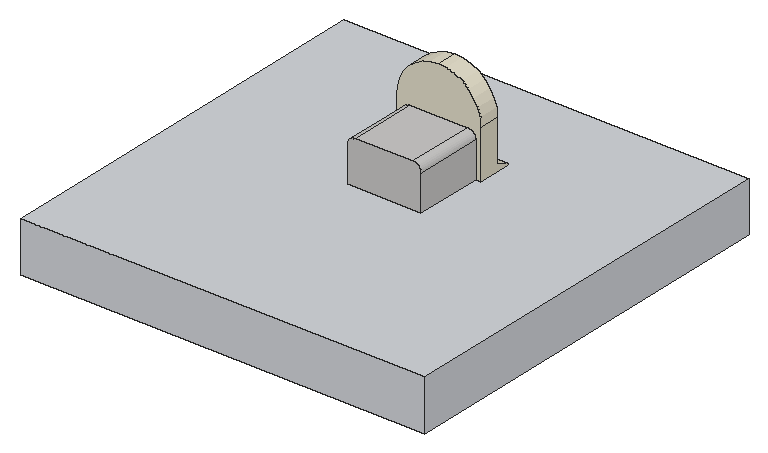
Revit family
Parameters (values of type "3771-1")
  Waste Connection = yes
  WFU = 0
  Vent Connection = no
  VP - Vinylclad Housing Color (Black, Gray, White) (Not Available with -ES Contoured Base Units.) = yes
  URL = "http://www.acorneng.com/uploads/fileLibrary/3771.pdf"
  Type Comments = ""
  Tempered Water Connection = no
  ST - Single Temperature Valve = no
  SPX - 16 Gage Stainless Steel Enclosure = no
  SO-BAT - Sensor Operation, Battery Powered (Batteries Not Included) = no
  SO - Sensor Operation = no
  SES - Scalloped Enclosure Style = no
  Revised Date = "23/06/2014"
  RSS - Right Side Splash (Only Available with -ECR) = no
  RSA - Right Side Apron (Only Available with -ECR) = no
  RLD - Molded-in "D" Shape Corterra Basin (Specify Punching for-9, Valve by Others) -H34 Three Holes, 4" Centerset = no
  RLD - Molded-in "D" Shape Corterra Basin (Specify Punching for -9, Valve by Others) -H38 Three Holes, 8" Centerset = no
  RLD - Molded-in "D" Shape Corterra Basin (Specify Punching for -9, Valve by Others) - H24 Two Holes, 4" Centerset = no
  RLD - Molded-in "D" Shape Corterra Basin ( Specify Punching for -9, Valve by Others) - H1 Single Hole Centered = no
  Phone# = "626-336-4561"
  PPZ - Programmable Piezo Push button Electronic Metering = no
  PDM - Metering Liquid Soap Dispenser = no
  OCC - Optional Corterra Color - Specify:__ = no
  Model = "3771-1"
  Material = Default
  Manufacturer = "Acorn "
  LSS - Left Side Splash (Only Available with -ECL) = no
  LSA - Left Side Apron (Only Avilable with -ECL) = no
  JH - 31" Junior Rim Height (Not ADA Compliant Except as -1-JH-SES) = no
  HWFU = 0
  HW Connection = yes
  H - Hand Operation = no
  ECR - Extended Countertop - Right Hand, Specify ____ (120" maximum overall width) = no
  ECL - Extended Countertop - Left Hand, Specify ____ (120" maximum overall width) = no
  Designed By = "ATS "
  Description = "Meridian Corterra Curved Front Uni-Basin - ADA Compliant "
  Default Elevation = 34"
  CWFU = 0
  CW Connection = yes
  CSG - 4" Centerset Faucet with Gooseneck Spout and Wristblade Handles (Includes -RLD Basin & -H34) = no
  Assembly Code = "D2010310"
  9 - Less Spreayhead and Valves (Only Available with - RLD Basin) = no
  3771 - Meridian Corterra Curved Front Uni-Basin = yes
  2 - On-Floor, Wall Outlet = no
  1 - Off-Floor, Wall Outlet = no
Reference planes (in)
  plane 1 "Center (Front/Back)": y = 0
  plane 2: z = 0
  plane 3 "Center (Left/Right)": x = 0
  plane 4: x = 10
  plane 5: x = -10
  plane 6: y = 24
  plane 7: y = 21
  plane 8: z = 21.5
  plane 9: y = 16.25
  plane 10: y = -10
  plane 11: y = 26.75
  plane 12: x = 2.5
  plane 13: x = -2.5
  plane 14: y = 2
  plane 15: y = 10
  plane 16: z = 10.343
  plane 17: x = 3.5
  plane 18: x = -8.75
  plane 19: x = 8.75
Forms (in)
  Extrusion 1, solid
    sketch origin (0, 0, 0) x (1, 0, 0) y (0, 1, 0)
      loop
        line (-48, 48) -> (-48, -48) -> (48, -48) -> (48, 48) -> (-48, 48)
    from 0 to -12
  Extrusion 2, solid, material "Bone"
    sketch origin (0, 0, 0) x (0, 1, 0) y (0, 0, 1)
      loop
        line (23.9159, 0.55053) -> (21, 1.72863) -> (21, 0) -> (23.89037, 0)
        arc (23.89037, 0) -> (23.96789, 0.03211) -> (24, 0.10963) r 0.10963
        line (24, 0.10963) -> (24, 0.40189)
        arc (24, 0.40189) -> (23.97752, 0.48728) -> (23.9159, 0.55053) r 0.17341
    from -10 to 10
  Sweep 3, void
    path origin (0, 0, 0) x (1, 0, 0) y (0, 0, 1)
      loop
        circle (0, 11.49996) r 8.75
    profile origin (0, 0, 20.24996) x (0, 0, -1) y (0, -1, 0)
      loop
        line (-0.23435, -21.05818) -> (8.49996, -21.05818) -> (8.49996, -17.02655)
        arc (8.49996, -17.02655) -> (4.1174, -18.20746) -> (0.36399, -20.75959) r 13.65544
        arc (0.36399, -20.75959) -> (0.08806, -20.93765) -> (-0.23435, -21) r 0.86478
        line (-0.23435, -21) -> (-0.23435, -21.05818)
  Extrusion 4, void
    sketch origin (0, 0, 0) x (1, 0, 0) y (0, 0, 1)
      loop
        circle (0, 11.50391) r 1
    from -21 to -17.02655
  Extrusion 5, solid, material "Bone"
    sketch origin (0, 0, 0) x (0, 1, 0) y (0, 0, 1)
      loop
        line (21, 2.30258) -> (16.25, 2.30258) -> (16.25, 0) -> (21, 0) -> (21, 2.30258)
    from -10 to 10
  Blend 6, solid, material "Stainless Steel"
    base sketch origin (0, 0, 0) x (1, 0, 0) y (0, 0, 1)
      loop
        line (8.75, 0) -> (8.75, 8.343)
        arc (8.75, 8.343) -> (8.16421, 9.75721) -> (6.75, 10.343) r 2
        line (6.75, 10.343) -> (-6.75, 10.343)
        arc (-6.75, 10.343) -> (-8.16421, 9.75721) -> (-8.75, 8.343) r 2
        line (-8.75, 8.343) -> (-8.75, 0) -> (8.75, 0)
    top sketch origin (0, 0, 0) x (1, 0, 0) y (0, 0, 1)
      loop
        line (-8.75, 0) -> (8.75, 0) -> (8.75, 8.343)
        arc (8.75, 8.343) -> (8.16421, 9.75721) -> (6.75, 10.343) r 2
        line (6.75, 10.343) -> (-6.75, 10.343)
        arc (-6.75, 10.343) -> (-8.16421, 9.75721) -> (-8.75, 8.343) r 2
        line (-8.75, 8.343) -> (-8.75, 0)
    from 0 to -16.25
  Extrusion 7, solid, material "Bone"
    sketch origin (0, 0, 0) x (1, 0, 0) y (0, 0, 1)
      loop
        line (-10, 2.30258) -> (10, 2.30258) -> (10, 21.5) -> (-10, 21.5) -> (-10, 2.30258)
    from -21 to -16.25
  Extrusion 8, void
    sketch origin (0, 0, 0.00004) x (-1, 0, 0) y (0, 0, -1)
      loop
        line (-10, -11.49996) -> (-10, -21.49996) -> (0, -21.49996)
        arc (0, -21.49996) -> (-7.07107, -18.57103) -> (-10, -11.49996) r 10
    from -21 to -16.25
  Extrusion 9, void
    sketch origin (0, 0, 0.00004) x (1, 0, 0) y (0, 0, 1)
      loop
        arc (-10, 11.49996) -> (-7.07107, 18.57103) -> (0, 21.49996) r 10
        line (0, 21.49996) -> (-10, 21.49996) -> (-10, 11.49996)
    from -21 to -16.25
  Extrusion 10, solid, material "Bone"
    sketch origin (15.29538, 21.00647, -0.01939) x (0, 1, 0) y (0, 0, -1)
      loop
        line (2.69854, -0.6218) -> (0, -1.71208) -> (0, -2.81375)
        arc (0, -2.81375) -> (0.59598, -3.22773) -> (1.12205, -3.72756) r 4.7556
        arc (1.12205, -3.72756) -> (3.12033, -7.52003) -> (3.05878, -11.8063) r 8.67526
        arc (3.05878, -11.8063) -> (3.08693, -11.94907) -> (3.21741, -12.01351) r 0.16432
        line (3.21741, -12.01351) -> (5.23826, -12.01351)
        arc (5.23826, -12.01351) -> (5.59962, -11.86409) -> (5.74994, -11.5031) r 0.51168
        arc (5.74994, -11.5031) -> (4.97956, -5.85064) -> (2.69854, -0.6218) r 20.74283
    from 13.29538 to 17.29538
  Extrusion 11, void
    sketch origin (15, 20.88147, -0.01939) x (1, 0, 0) y (0, 0, 1)
      loop
        line (-13.39845, 10.45684) -> (-13, 0.6218) -> (-12.73494, 0.6218) -> (-12.73494, 12.75) -> (-17.26506, 12.75) -> (-17.26506, 0.6218) -> (-17, 0.6218) -> (-16.60155, 10.45684)
        arc (-16.60155, 10.45684) -> (-15, 11.99482) -> (-13.39845, 10.45684) r 1.60287
    from -6.75547 to 0
  Extrusion 12, solid
    sketch origin (0, 0, 0) x (1, 0, 0) y (0, 1, 0)
      loop
        circle (-2.5, 2) r 0.25
      loop
        circle (2.5, 2) r 0.25
    from -0.04805 to 0.11906
  Extrusion 13, solid
    sketch origin (7, 0, 0) x (1, 0, 0) y (0, 1, 0)
      loop
        circle (-3.5, 10) r 0.75
    from -0.07584 to 0.11906
Cuts and joins
  Sweep 3, Extrusion 4, Extrusion 8, Extrusion 9 cuts Extrusion 7
  Extrusion 11 cuts Extrusion 10
  joined: Extrusion 2, Extrusion 5, Extrusion 7, Extrusion 10
Dimensions and locks (in)
  plane 5 to plane 4 = 20"  (x2)
  plane 6 to plane 1 "Center (Front/Back)" = 24"  (x2)
  plane 6 to plane 7 = 3"  (x2)
  plane 8 to plane 2 = 21 1/2"  (x2)
  plane 7 to plane 9 = 4 3/4"
  plane 9 to plane 10 = 26 1/4"
  plane 11 to plane 7 = 5 3/4"
  plane 3 "Center (Left/Right)" to plane 12 = 2 1/2"
  plane 14 to plane 10 = 12"
  plane 6 to plane 10 = 34"
  plane 15 to plane 10 = 20"
  plane 16 to Extrusion 1 = 10.343"
  plane 3 "Center (Left/Right)" to plane 17 = 3 1/2"
  plane 18 to plane 19 = 17 1/2"
  aligned and locked: plane 2 to Extrusion 1
  aligned and locked: level to Extrusion 1
Connectors (in)
  piping at (3.5, 10, -0.07584)
    settings: on Extrusion 13, index 1
  piping at (-2.5, 2, -0.04805)
    settings: on Extrusion 12, index 2
  piping at (2.5, 2, -0.04805)
    settings: on Extrusion 12, index 3
